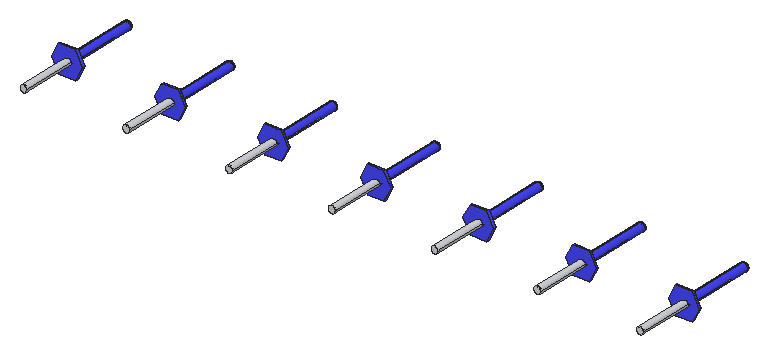
Revit family "Dorn LD - type - Kopi", category Generic Models, Revit 2019
Family settings
  Can host rebar = No
  Round Connector Dimension = Use Diameter
  Part Type = Normal
  Work Plane-Based = Yes
  Always vertical = No
  Cut with Voids When Loaded = No
  Shared = No
  Room Calculation Point = No
Parameters (values of type "20/320 Zn")
  Website Link [instance] = "https://haucon.dk/produkt/dorn-ld/"
  Total Width = 320 mm
  Total Length [instance] = 2440 mm
  Technical Data Sheet [instance] = "https://haucon.dk/wp-content/uploads/2018/02/TA-Dorn-LD-TI-DK.pdf"
  Metal = Steel, Galvanized
  Height Dowel [instance] = 0 mm
  Dowel count [instance] = (Total Length / Distance) - 1  # 7
  Distance from start [instance] = 300 mm
  Distance [instance] = 300 mm
  Diameter = 20 mm
  Default Elevation = 1219.2 mm
Reference planes
  plane 1 "Center (Front/Back)": y = 0
  plane 2: z = 0
  plane 3 "Center (Left/Right)": x = 0
  plane 4: x = 2440
  plane 5: x = 300
  plane 6: x = 600
  plane 7: x = 900
  plane 8: x = 1200
  plane 9: x = 1500
  plane 10: x = 1800
  plane 11: x = 2100
Dimensions and locks
  equal spacing: group 1, group 2, group 3, group 4, group 5, group 6, group 7  (x3)
  "Total Length": plane 3 "Center (Left/Right)" to plane 4
  "Distance from start": plane 3 "Center (Left/Right)" to plane 5
  "Distance": plane 5 to plane 6
  aligned and locked: level to plane 2
Nested families
  nested 1: "Family1" at (273.576, 0, 0), Diameter <- "Diameter", Height Dowel <- "Height Dowel", Total Width <- "Total Width", type "Family1"
    with Total Width 320 mm, Height Dowel 0 mm, Diameter 20 mm
  nested 2: "Family1" at (573.576, 0, 0), Diameter <- "Diameter", Height Dowel <- "Height Dowel", Total Width <- "Total Width", type "Family1"
    with Total Width 320 mm, Height Dowel 0 mm, Diameter 20 mm
  nested 3: "Family1" at (873.576, 0, 0), Diameter <- "Diameter", Height Dowel <- "Height Dowel", Total Width <- "Total Width", type "Family1"
    with Total Width 320 mm, Height Dowel 0 mm, Diameter 20 mm
  nested 4: "Family1" at (1173.576, 0, 0), Diameter <- "Diameter", Height Dowel <- "Height Dowel", Total Width <- "Total Width", type "Family1"
    with Total Width 320 mm, Height Dowel 0 mm, Diameter 20 mm
  nested 5: "Family1" at (1473.576, 0, 0), Diameter <- "Diameter", Height Dowel <- "Height Dowel", Total Width <- "Total Width", type "Family1"
    with Total Width 320 mm, Height Dowel 0 mm, Diameter 20 mm
  nested 6: "Family1" at (1773.576, 0, 0), Diameter <- "Diameter", Height Dowel <- "Height Dowel", Total Width <- "Total Width", type "Family1"
    with Total Width 320 mm, Height Dowel 0 mm, Diameter 20 mm
  nested 7: "Family1" at (2073.576, 0, 0), Diameter <- "Diameter", Height Dowel <- "Height Dowel", Total Width <- "Total Width", type "Family1"
    with Total Width 320 mm, Height Dowel 0 mm, Diameter 20 mm
  nested 8: "Glidehylse_LD_20_Part_P_p_i_t_4031216" at (300, 0, 0) x (0, 1, 0) z (0, 0, 1), type "LD20_Part_P"
    with Elevation Height 0 mm
  nested 9: "Glidehylse_LD_20_Part_P_p_i_t_4031216" at (600, 0, 0) x (0, 1, 0) z (0, 0, 1), type "LD20_Part_P"
    with Elevation Height 0 mm
  nested 10: "Glidehylse_LD_20_Part_P_p_i_t_4031216" at (900, 0, 0) x (0, 1, 0) z (0, 0, 1), type "LD20_Part_P"
    with Elevation Height 0 mm
  nested 11: "Glidehylse_LD_20_Part_P_p_i_t_4031216" at (1200, 0, 0) x (0, 1, 0) z (0, 0, 1), type "LD20_Part_P"
    with Elevation Height 0 mm
  nested 12: "Glidehylse_LD_20_Part_P_p_i_t_4031216" at (1500, 0, 0) x (0, 1, 0) z (0, 0, 1), type "LD20_Part_P"
    with Elevation Height 0 mm
  nested 13: "Glidehylse_LD_20_Part_P_p_i_t_4031216" at (1800, 0, 0) x (0, 1, 0) z (0, 0, 1), type "LD20_Part_P"
    with Elevation Height 0 mm
  nested 14: "Glidehylse_LD_20_Part_P_p_i_t_4031216" at (2100, 0, 0) x (0, 1, 0) z (0, 0, 1), type "LD20_Part_P"
    with Elevation Height 0 mm
Definition of nested family "Family1"
  Parameters (values of type "Family1")
    Total Width [instance] = 320 mm
    Height Dowel [instance] = 100 mm
    Diameter [instance] = 20 mm
    Default Elevation = 1219.2 mm
  Reference planes
    plane 1 "Center (Front/Back)": y = 0
    plane 2: z = 0
    plane 3 "Center (Left/Right)": x = 0
    plane 4: y = 160
    plane 5: y = -160
    plane 6: x = -140
    plane 7: x = 140
    plane 8 "Dowel Height": z = 100
  Forms (mm)
    Extrusion 1, solid
      sketch origin (8.617, 0, 0) x (1, 0, 0) y (0, 0, 1)
        loop
          circle (17.807, 100) r 10
      from -160 to 160
  Dimensions and locks
    plane 6 to plane 7 = 280 mm
    equal spacing: plane 6, plane 3 "Center (Left/Right)", plane 7
    equal spacing: plane 4, plane 1 "Center (Front/Back)", plane 5
    "Total Width": plane 4 to plane 5
    "Height Dowel": plane 8 "Dowel Height" to level
    "Diameter": diameter of Extrusion 1 sketch curve
    aligned and locked: level to plane 2
    aligned and locked: plane 8 "Dowel Height" to Extrusion 1
    aligned and locked: plane 4 to Extrusion 1
    aligned and locked: plane 5 to Extrusion 1
  Automatic sketch dimensions
    Extrusion 1 sketch curve to plane 8 "Dowel Height" = 0 mm
    plane 3 "Center (Left/Right)" to Extrusion 1 sketch curve = 26.424 mm
Definition of nested family "Glidehylse_LD_20_Part_P_p_i_t_4031216"
  Parameters (values of type "LD20_Part_P")
    Website Link = "https://haucon.dk/produkt/dorn-ld/#variations"
    Total Length = 220 mm
    Technical Data Sheet = "https://haucon.dk/wp-content/uploads/2018/02/TA-Dorn-LD-TI-DK.pdf"
    Sleeve Inner Diameter = 21 mm
    Plastic Black = none
    Plastic = none
    Hexagon Height = 5 mm
    Hexagon Diameter = 80 mm
    Elevation Height = 100 mm
    Default Elevation = 1219.2 mm
    Cap Height = 5 mm
  Types (3, lengths in mm): name | Total Length | Sleeve Inner Diameter
    (no name) | 220 | 21
    LD16_Part_P | 195 | 17
    LD20_Part_P | 220 | 21
  Reference planes
    plane 1 "Center (Front/Back)": y = 0
    plane 2: z = 0
    plane 3 "Center (Left/Right)": x = 0
    plane 4: x = 5
    plane 5: x = 215
    plane 6: x = 220
    plane 7: z = 100
    plane 8: z = 89.5
    plane 9: z = 110.5
    plane 10: through (0, 23.094, 142.714) normal (0, -0.8797, 0.4756)
    plane 11: through (0, -23.094, 142.714) normal (0, -0.8797, -0.4756)
  Forms (mm)
    Revolve 1, solid, material <- "Plastic"
      sketch origin (0, 0, 92.286) x (0, 0, -1) y (1, 0, 0)
        loop
          line (-19.714, 5) -> (-18.214, 5) -> (-18.214, 215) -> (-19.714, 215) -> (-19.714, 5)
        axis (-7.714, 215) -> (-7.714, 5)
      angle from 0 to 360
    Revolve 2, solid, material <- "Plastic Black"
      sketch origin (0, 0, 89.786) x (0, 0, -1) y (1, 0, 0)
        loop
          line (-22.214, 215) -> (-20.714, 215) -> (-20.714, 218.5) -> (-10.214, 218.5) -> (-10.214, 220) -> (-20.753, 220)
          arc (-20.753, 220) -> (-21.786, 219.572) -> (-22.214, 218.539) r 1.461
          line (-22.214, 218.539) -> (-22.214, 215)
        axis (-10.214, 220) -> (-10.214, 215)
      angle from 0 to 360
    Extrusion 3, solid, material <- "Plastic"
      sketch origin (0, 0, -50) x (0, 1, 0) y (0, 0, 1)
        loop
          line (44.91, 150) -> (24.313, 190) -> (-24.476, 190) -> (-45.073, 150) -> (-24.476, 110) -> (24.313, 110) -> (44.91, 150)
      from 0 to 5
  Dimensions and locks
    equal spacing: plane 9, plane 7, plane 8
    "Sleeve Inner Diameter": plane 9 to plane 8
    "Cap Height": plane 6 to plane 5
    "Hexagon Height": plane 4 to plane 3 "Center (Left/Right)"
    "Elevation Height": plane 7 to level
    "Total Length": plane 6 to plane 3 "Center (Left/Right)"
    locked: Extrusion 3 sketch curve to Extrusion 3 sketch curve at 80  (x3)
    aligned and locked: level to plane 2
    aligned and locked: Revolve 1 to plane 4
    aligned and locked: plane 9 to Revolve 1 sketch curve
    aligned and locked: plane 7 to Revolve 1 sketch curve
    aligned and locked: Revolve 2 sketch curve to plane 9
    aligned and locked: plane 7 to Revolve 2 sketch curve  (x2)
    aligned and locked: plane 5 to Revolve 2 sketch curve
    aligned and locked: Revolve 2 sketch curve to plane 6
    aligned and locked: Revolve 1 sketch curve to plane 5
    aligned and locked: Extrusion 3 to plane 7
  Automatic sketch dimensions
    Revolve 2 sketch curve to Revolve 2 sketch curve = 0.711 mm
    Revolve 2 sketch curve to Revolve 2 sketch curve = 0.039 mm  (x2)
    Revolve 2 sketch curve to Revolve 2 sketch curve = 1.739 mm
    Revolve 2 sketch curve to Revolve 2 sketch curve = 1.461 mm
    Revolve 1 sketch curve to plane 4 = 0 mm
    Revolve 1 sketch curve to Revolve 1 sketch curve = 1.5 mm
    Revolve 1 sketch curve to plane 5 = 15.148 mm
    Revolve 1 sketch curve to plane 5 = 0.148 mm
    plane 1 "Center (Front/Back)" to Extrusion 3 sketch curve = 24.476 mm  (x2)
    plane 7 to Extrusion 3 sketch curve = 0 mm
    Extrusion 3 sketch curve to plane 7 = 0 mm
    Extrusion 3 sketch curve to Extrusion 3 sketch curve = 20.597 mm
